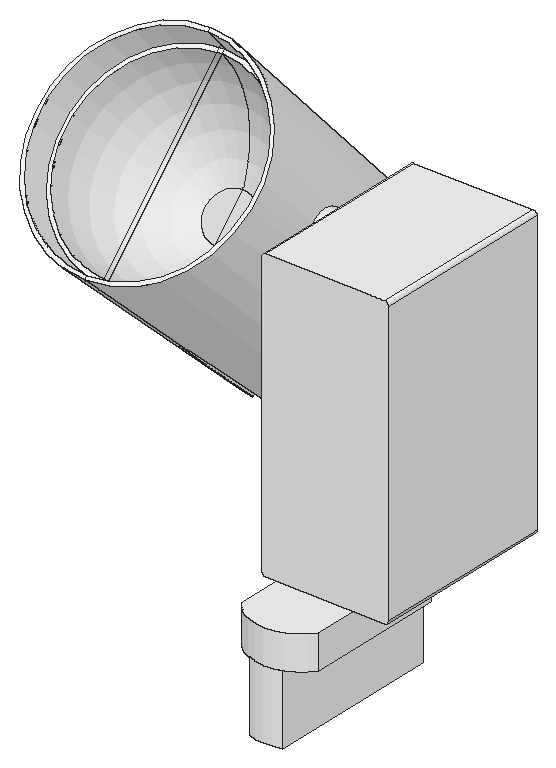
Revit family "0004864 Feilo Sylvania Lighting Fixture START TRACK SPOT S 24W 3K RA90 WB WHITE", category Lighting Fixtures, host Face, Revit 2017 (continued)
Definition of nested family "Start Track Spot Head"
  Types (96, lengths in mm): name | Wattage | built-in parameter 1150134 | Photometric Web File | Model | built-in parameter 1150105 | Lumens | built-in parameter 1150107 | built-in parameter 1150106 | HeadThickness_FEILO | HeadRibOffset_FEILO | HeadRibDepth_FEILO | HeadRibCutWidth_FEILO | HeadRibCutOffset_FEILO | HeadReflectorRadius_FEILO | HeadReflectorOffset_FEILO | HeadLEDRadius_FEILO | HeadHeight_FEILO | HeadDiffusorOffset_FEILO | HeadDiaOut_FEILO | HeadDiaIn_FEILO | HeadAxisFromTop_FEILO | Emit from Circle Diameter | built-in parameter 1150104 | Description | Apparent Load
    0004864 START TRACK SPOT S 24W 3K RA90 WB WHITE | 24 W | (empty or 0) | "0004864.ies" | "START TRACK SPOT S 24W 3K RA90 WB WHITE" | 152.79 (stored number, unit not read) | 1920 lm | 3000 (stored number, unit not read) | 1.5279 (stored number, unit not read) | 1.5 | 4.179 | 55.714 | 7.167 | 50.87 | 50.588 | 55.714 | 9.556 | 117 | 9.435 | 86 | 77.477 | 69.354 | 77.477 | 7.4322 (stored number, unit not read) | "Integrated LED spotlight, Textured White - RAL9016, compact and minimalist design, ideal for retail applications, die-cast aluminium body, passive cooling heatsink. Beam angle: 64°, color temperature: 3000K , total system power: 24W, total fixture output: 1928 lm, LOR: 100%, colour rendering: Ra: 90 typical, LED Chromaticity: 3 step MacAdam ellipse, lifetime: >50000 hours at L70B50, energy class: A++, A+, A, IR/UV free light source without heat radiation, operating voltage: 220-240V / 50-60Hz, drive current: 600mA, electronic driver, non-dimmable, power factor: 0.95, electrical protection: Class II, Global Track 3 Phase adapter suitable for Global trac 3-circuit tracks, ingress protection rating: IP20, suitable for internal environment only, horizontal rotation: 355°, vertical tilt: 90°, dimensions: Ø86x140x200, weight: 0.966kg." | 24 VA
    0004863 START TRACK SPOT S 24W 3K RA90 MB WHITE | 24 W | (empty or 0) | "0004863.ies" | "START TRACK SPOT S 24W 3K RA90 MB WHITE" | 154.7 (stored number, unit not read) | 1944 lm | 3000 (stored number, unit not read) | 1.547 (stored number, unit not read) | 1.5 | 4.179 | 55.714 | 7.167 | 50.87 | 50.588 | 55.714 | 9.556 | 117 | 9.435 | 86 | 77.477 | 69.354 | 77.477 | 7.5251 (stored number, unit not read) | "Integrated LED spotlight, Textured White - RAL9016, compact and minimalist design, ideal for retail applications, die-cast aluminium body, passive cooling heatsink. Beam angle: 36°, color temperature: 3000K , total system power: 24W, total fixture output: 1944 lm, LOR: 100%, colour rendering: Ra: 90 typical, LED Chromaticity: 3 step MacAdam ellipse, lifetime: >50000 hours at L70B50, energy class: A++, A+, A, IR/UV free light source without heat radiation, operating voltage: 220-240V / 50-60Hz, drive current: 600mA, electronic driver, non-dimmable, power factor: 0.95, electrical protection: Class II, Global Track 3 Phase adapter suitable for Global trac 3-circuit tracks, ingress protection rating: IP20, suitable for internal environment only, horizontal rotation: 355°, vertical tilt: 90°, dimensions: Ø86x140x200, weight: 0.966kg." | 24 VA
    0004862 START TRACK SPOT S 24W 3K RA90 NB WHITE | 24 W | (empty or 0) | "0004862.ies" | "START TRACK SPOT S 24W 3K RA90 NB WHITE" | 158.52 (stored number, unit not read) | 1992 lm | 3000 (stored number, unit not read) | 1.5852 (stored number, unit not read) | 1.5 | 4.179 | 55.714 | 7.167 | 50.87 | 50.588 | 55.714 | 9.556 | 117 | 9.435 | 86 | 77.477 | 69.354 | 77.477 | 7.711 (stored number, unit not read) | "Integrated LED spotlight, Textured White - RAL9016, compact and minimalist design, ideal for retail applications, die-cast aluminium body, passive cooling heatsink. Beam angle: 12°, color temperature: 3000K , total system power: 24W, total fixture output: 1987 lm, LOR: 100%, colour rendering: Ra: 90 typical, LED Chromaticity: 3 step MacAdam ellipse, lifetime: >50000 hours at L70B50, energy class: A++, A+, A, IR/UV free light source without heat radiation, operating voltage: 220-240V / 50-60Hz, drive current: 600mA, electronic driver, non-dimmable, power factor: 0.95, electrical protection: Class II, Global Track 3 Phase adapter suitable for Global trac 3-circuit tracks, ingress protection rating: IP20, suitable for internal environment only, horizontal rotation: 355°, vertical tilt: 90°, dimensions: Ø86x140x200, weight: 0.966kg." | 24 VA
    0004861 START TRACK SPOT S 14W 3K RA90 WB WHITE | 14 W | (empty or 0) | "0004861.ies" | "START TRACK SPOT S 14W 3K RA90 WB WHITE" | 100.27 (stored number, unit not read) | 1260 lm | 3000 (stored number, unit not read) | 1.0027 (stored number, unit not read) | 1.5 | 4.179 | 55.714 | 7.167 | 50.87 | 50.588 | 55.714 | 9.556 | 117 | 9.435 | 86 | 77.477 | 69.354 | 77.477 | 8.3613 (stored number, unit not read) | "Integrated LED spotlight, Textured White - RAL9016, compact and minimalist design, ideal for retail applications, die-cast aluminium body, passive cooling heatsink. Beam angle: 64°, color temperature: 3000K , total system power: 14W, total fixture output: 1262 lm, LOR: 100%, colour rendering: Ra: 90 typical, LED Chromaticity: 3 step MacAdam ellipse, lifetime: >50000 hours at L70B50, energy class: A++, A+, A, IR/UV free light source without heat radiation, operating voltage: 220-240V / 50-60Hz, drive current: 350mA, electronic driver, non-dimmable, power factor: 0.92, electrical protection: Class II, Global Track 3 Phase adapter suitable for Global trac 3-circuit tracks, ingress protection rating: IP20, suitable for internal environment only, horizontal rotation: 355°, vertical tilt: 90°, dimensions: Ø86x140x200, weight: 0.940kg." | 14 VA
    0004860 START TRACK SPOT S 14W 3K RA90 MB WHITE | 14 W | (empty or 0) | "0004860.ies" | "START TRACK SPOT S 14W 3K RA90 MB WHITE" | 100.27 (stored number, unit not read) | 1260 lm | 3000 (stored number, unit not read) | 1.0027 (stored number, unit not read) | 1.5 | 4.179 | 55.714 | 7.167 | 50.87 | 50.588 | 55.714 | 9.556 | 117 | 9.435 | 86 | 77.477 | 69.354 | 77.477 | 8.3613 (stored number, unit not read) | "Integrated LED spotlight, Textured White - RAL9016, compact and minimalist design, ideal for retail applications, die-cast aluminium body, passive cooling heatsink. Beam angle: 36°, color temperature: 3000K , total system power: 14W, total fixture output: 1262 lm, LOR: 100%, colour rendering: Ra: 90 typical, LED Chromaticity: 3 step MacAdam ellipse, lifetime: >50000 hours at L70B50, energy class: A++, A+, A, IR/UV free light source without heat radiation, operating voltage: 220-240V / 50-60Hz, drive current: 350mA, electronic driver, non-dimmable, power factor: 0.92, electrical protection: Class II, Global Track 3 Phase adapter suitable for Global trac 3-circuit tracks, ingress protection rating: IP20, suitable for internal environment only, horizontal rotation: 355°, vertical tilt: 90°, dimensions: Ø86x140x200, weight: 0.940kg." | 14 VA
    0004859 START TRACK SPOT S 14W 3K RA90 NB WHITE | 14 W | (empty or 0) | "0004859.ies" | "START TRACK SPOT S 14W 3K RA90 NB WHITE" | 102.5 (stored number, unit not read) | 1288 lm | 3000 (stored number, unit not read) | 1.025 (stored number, unit not read) | 1.5 | 4.179 | 55.714 | 7.167 | 50.87 | 50.588 | 55.714 | 9.556 | 117 | 9.435 | 86 | 77.477 | 69.354 | 77.477 | 8.5471 (stored number, unit not read) | "Integrated LED spotlight, Textured White - RAL9016, compact and minimalist design, ideal for retail applications, die-cast aluminium body, passive cooling heatsink. Beam angle: 12°, color temperature: 3000K , total system power: 14W, total fixture output: 1284 lm, LOR: 100%, colour rendering: Ra: 90 typical, LED Chromaticity: 3 step MacAdam ellipse, lifetime: >50000 hours at L70B50, energy class: A++, A+, A, IR/UV free light source without heat radiation, operating voltage: 220-240V / 50-60Hz, drive current: 350mA, electronic driver, non-dimmable, power factor: 0.92, electrical protection: Class II, Global Track 3 Phase adapter suitable for Global trac 3-circuit tracks, ingress protection rating: IP20, suitable for internal environment only, horizontal rotation: 355°, vertical tilt: 90°, dimensions: Ø86x140x200, weight: 0.940kg." | 14 VA
    0004858 START TRACK SPOT L 55W 4K RA80 WB BLACK | 55 W | 12 | "0004858.ies" | "START TRACK SPOT L 55W 4K RA80 WB BLACK" | 424.55 (stored number, unit not read) | 5335 lm | 4000 (stored number, unit not read) | 4.2455 (stored number, unit not read) | 2 | 4.429 | 59.048 | 9.417 | 53.913 | 66.471 | 59.048 | 12.556 | 124 | 10 | 113 | 101.802 | 73.503 | 101.802 | 9.0116 (stored number, unit not read) | "Integrated LED spotlight, Textured Black - RAL9005, compact and minimalist design, ideal for retail applications, die-cast aluminium body, passive cooling heatsink. Beam angle: 52°, color temperature: 4000K , total system power: 55W, total fixture output: 5320 lm, LOR: 100%, colour rendering: Ra: 80 typical, LED Chromaticity: 3 step MacAdam ellipse, lifetime: >50000 hours at L70B50, energy class: A++, A+, A, IR/UV free light source without heat radiation, operating voltage: 220-240V / 50-60Hz, drive current: 1400mA, electronic driver, non-dimmable, power factor: 0.96, electrical protection: Class II, Global Track 3 Phase adapter suitable for Global trac 3-circuit tracks, ingress protection rating: IP20, suitable for internal environment only, horizontal rotation: 355°, vertical tilt: 90°, dimensions: Ø113x164x240, weight: 1.398kg." | 55 VA
    0004857 START TRACK SPOT L 55W 4K RA80 MB BLACK | 55 W | 12 | "0004857.ies" | "START TRACK SPOT L 55W 4K RA80 MB BLACK" | 428.92 (stored number, unit not read) | 5390 lm | 4000 (stored number, unit not read) | 4.2892 (stored number, unit not read) | 2 | 4.429 | 59.048 | 9.417 | 53.913 | 66.471 | 59.048 | 12.556 | 124 | 10 | 113 | 101.802 | 73.503 | 101.802 | 9.1045 (stored number, unit not read) | "Integrated LED spotlight, Textured Black - RAL9005, compact and minimalist design, ideal for retail applications, die-cast aluminium body, passive cooling heatsink. Beam angle: 38°, color temperature: 4000K , total system power: 55W, total fixture output: 5378 lm, LOR: 100%, colour rendering: Ra: 80 typical, LED Chromaticity: 3 step MacAdam ellipse, lifetime: >50000 hours at L70B50, energy class: A++, A+, A, IR/UV free light source without heat radiation, operating voltage: 220-240V / 50-60Hz, drive current: 1400mA, electronic driver, non-dimmable, power factor: 0.96, electrical protection: Class II, Global Track 3 Phase adapter suitable for Global trac 3-circuit tracks, ingress protection rating: IP20, suitable for internal environment only, horizontal rotation: 355°, vertical tilt: 90°, dimensions: Ø113x164x240, weight: 1.398kg." | 55 VA
    0004856 START TRACK SPOT L 55W 4K RA80 NB BLACK | 55 W | 12 | "0004856.ies" | "START TRACK SPOT L 55W 4K RA80 NB BLACK" | 433.3 (stored number, unit not read) | 5445 lm | 4000 (stored number, unit not read) | 4.333 (stored number, unit not read) | 2 | 4.429 | 59.048 | 9.417 | 53.913 | 66.471 | 59.048 | 12.556 | 124 | 10 | 113 | 101.802 | 73.503 | 101.802 | 9.1974 (stored number, unit not read) | "Integrated LED spotlight, Textured Black - RAL9005, compact and minimalist design, ideal for retail applications, die-cast aluminium body, passive cooling heatsink. Beam angle: 15°, color temperature: 4000K , total system power: 55W, total fixture output: 5426 lm, LOR: 100%, colour rendering: Ra: 80 typical, LED Chromaticity: 3 step MacAdam ellipse, lifetime: >50000 hours at L70B50, energy class: A++, A+, A, IR/UV free light source without heat radiation, operating voltage: 220-240V / 50-60Hz, drive current: 1400mA, electronic driver, non-dimmable, power factor: 0.96, electrical protection: Class II, Global Track 3 Phase adapter suitable for Global trac 3-circuit tracks, ingress protection rating: IP20, suitable for internal environment only, horizontal rotation: 355°, vertical tilt: 90°, dimensions: Ø113x164x240, weight: 1.398kg." | 55 VA
    0004855 START TRACK SPOT L 35W 4K RA80 WB BLACK | 35 W | 12 | "0004855.ies" | "START TRACK SPOT L 35W 4K RA80 WB BLACK" | 320.3 (stored number, unit not read) | 4025 lm | 4000 (stored number, unit not read) | 3.203 (stored number, unit not read) | 2 | 4.429 | 59.048 | 9.417 | 53.913 | 66.471 | 59.048 | 12.556 | 124 | 10 | 113 | 101.802 | 73.503 | 101.802 | 10.684 (stored number, unit not read) | "Integrated LED spotlight, Textured Black - RAL9005, compact and minimalist design, ideal for retail applications, die-cast aluminium body, passive cooling heatsink. Beam angle: 52°, color temperature: 4000K , total system power: 35W, total fixture output: 4010 lm, LOR: 100%, colour rendering: Ra: 80 typical, LED Chromaticity: 3 step MacAdam ellipse, lifetime: >50000 hours at L70B50, energy class: A++, A+, A, IR/UV free light source without heat radiation, operating voltage: 220-240V / 50-60Hz, drive current: 900mA, electronic driver, non-dimmable, power factor: 0.93, electrical protection: Class II, Global Track 3 Phase adapter suitable for Global trac 3-circuit tracks, ingress protection rating: IP20, suitable for internal environment only, horizontal rotation: 355°, vertical tilt: 90°, dimensions: Ø113x164x240, weight: 1.368kg." | 35 VA
    0004854 START TRACK SPOT L 35W 4K RA80 MB BLACK | 35 W | 12 | "0004854.ies" | "START TRACK SPOT L 35W 4K RA80 MB BLACK" | 320.3 (stored number, unit not read) | 4025 lm | 4000 (stored number, unit not read) | 3.203 (stored number, unit not read) | 2 | 4.429 | 59.048 | 9.417 | 53.913 | 66.471 | 59.048 | 12.556 | 124 | 10 | 113 | 101.802 | 73.503 | 101.802 | 10.684 (stored number, unit not read) | "Integrated LED spotlight, Textured Black - RAL9005, compact and minimalist design, ideal for retail applications, die-cast aluminium body, passive cooling heatsink. Beam angle: 38°, color temperature: 4000K , total system power: 35W, total fixture output: 4017 lm, LOR: 100%, colour rendering: Ra: 80 typical, LED Chromaticity: 3 step MacAdam ellipse, lifetime: >50000 hours at L70B50, energy class: A++, A+, A, IR/UV free light source without heat radiation, operating voltage: 220-240V / 50-60Hz, drive current: 900mA, electronic driver, non-dimmable, power factor: 0.93, electrical protection: Class II, Global Track 3 Phase adapter suitable for Global trac 3-circuit tracks, ingress protection rating: IP20, suitable for internal environment only, horizontal rotation: 355°, vertical tilt: 90°, dimensions: Ø113x164x240, weight: 1.368kg." | 35 VA
    0004853 START TRACK SPOT L 35W 4K RA80 NB BLACK | 35 W | 12 | "0004853.ies" | "START TRACK SPOT L 35W 4K RA80 NB BLACK" | 331.44 (stored number, unit not read) | 4165 lm | 4000 (stored number, unit not read) | 3.3144 (stored number, unit not read) | 2 | 4.429 | 59.048 | 9.417 | 53.913 | 66.471 | 59.048 | 12.556 | 124 | 10 | 113 | 101.802 | 73.503 | 101.802 | 11.055 (stored number, unit not read) | "Integrated LED spotlight, Textured Black - RAL9005, compact and minimalist design, ideal for retail applications, die-cast aluminium body, passive cooling heatsink. Beam angle: 15°, color temperature: 4000K , total system power: 35W, total fixture output: 4174 lm, LOR: 100%, colour rendering: Ra: 80 typical, LED Chromaticity: 3 step MacAdam ellipse, lifetime: >50000 hours at L70B50, energy class: A++, A+, A, IR/UV free light source without heat radiation, operating voltage: 220-240V / 50-60Hz, drive current: 900mA, electronic driver, non-dimmable, power factor: 0.93, electrical protection: Class II, Global Track 3 Phase adapter suitable for Global trac 3-circuit tracks, ingress protection rating: IP20, suitable for internal environment only, horizontal rotation: 355°, vertical tilt: 90°, dimensions: Ø113x164x240, weight: 1.368kg." | 35 VA
    0004852 START TRACK SPOT S 24W 4K RA80 WB BLACK | 24 W | 12 | "0004852.ies" | "START TRACK SPOT S 24W 4K RA80 WB BLACK" | 196.72 (stored number, unit not read) | 2472 lm | 4000 (stored number, unit not read) | 1.9672 (stored number, unit not read) | 1.5 | 4.179 | 55.714 | 7.167 | 50.87 | 50.588 | 55.714 | 9.556 | 117 | 9.435 | 86 | 77.477 | 69.354 | 77.477 | 9.569 (stored number, unit not read) | "Integrated LED spotlight, Textured Black - RAL9005, compact and minimalist design, ideal for retail applications, die-cast aluminium body, passive cooling heatsink. Beam angle: 64°, color temperature: 4000K , total system power: 24W, total fixture output: 2476 lm, LOR: 100%, colour rendering: Ra: 80 typical, LED Chromaticity: 3 step MacAdam ellipse, lifetime: >50000 hours at L70B50, energy class: A++, A+, A, IR/UV free light source without heat radiation, operating voltage: 220-240V / 50-60Hz, drive current: 600mA, electronic driver, non-dimmable, power factor: 0.95, electrical protection: Class II, Global Track 3 Phase adapter suitable for Global trac 3-circuit tracks, ingress protection rating: IP20, suitable for internal environment only, horizontal rotation: 355°, vertical tilt: 90°, dimensions: Ø86x140x200, weight: 0.966kg." | 24 VA
    0004851 START TRACK SPOT S 24W 4K RA80 MB BLACK | 24 W | 12 | "0004851.ies" | "START TRACK SPOT S 24W 4K RA80 MB BLACK" | 198.63 (stored number, unit not read) | 2496 lm | 4000 (stored number, unit not read) | 1.9863 (stored number, unit not read) | 1.5 | 4.179 | 55.714 | 7.167 | 50.87 | 50.588 | 55.714 | 9.556 | 117 | 9.435 | 86 | 77.477 | 69.354 | 77.477 | 9.6619 (stored number, unit not read) | "Integrated LED spotlight, Textured Black - RAL9005, compact and minimalist design, ideal for retail applications, die-cast aluminium body, passive cooling heatsink. Beam angle: 36°, color temperature: 4000K , total system power: 24W, total fixture output: 2487 lm, LOR: 100%, colour rendering: Ra: 80 typical, LED Chromaticity: 3 step MacAdam ellipse, lifetime: >50000 hours at L70B50, energy class: A++, A+, A, IR/UV free light source without heat radiation, operating voltage: 220-240V / 50-60Hz, drive current: 600mA, electronic driver, non-dimmable, power factor: 0.95, electrical protection: Class II, Global Track 3 Phase adapter suitable for Global trac 3-circuit tracks, ingress protection rating: IP20, suitable for internal environment only, horizontal rotation: 355°, vertical tilt: 90°, dimensions: Ø86x140x200, weight: 0.966kg." | 24 VA
    0004850 START TRACK SPOT S 24W 4K RA80 NB BLACK | 24 W | 12 | "0004850.ies" | "START TRACK SPOT S 24W 4K RA80 NB BLACK" | 200.54 (stored number, unit not read) | 2520 lm | 4000 (stored number, unit not read) | 2.0054 (stored number, unit not read) | 1.5 | 4.179 | 55.714 | 7.167 | 50.87 | 50.588 | 55.714 | 9.556 | 117 | 9.435 | 86 | 77.477 | 69.354 | 77.477 | 9.7548 (stored number, unit not read) | "Integrated LED spotlight, Textured Black - RAL9005, compact and minimalist design, ideal for retail applications, die-cast aluminium body, passive cooling heatsink. Beam angle: 12°, color temperature: 4000K , total system power: 24W, total fixture output: 2529 lm, LOR: 100%, colour rendering: Ra: 80 typical, LED Chromaticity: 3 step MacAdam ellipse, lifetime: >50000 hours at L70B50, energy class: A++, A+, A, IR/UV free light source without heat radiation, operating voltage: 220-240V / 50-60Hz, drive current: 600mA, electronic driver, non-dimmable, power factor: 0.95, electrical protection: Class II, Global Track 3 Phase adapter suitable for Global trac 3-circuit tracks, ingress protection rating: IP20, suitable for internal environment only, horizontal rotation: 355°, vertical tilt: 90°, dimensions: Ø86x140x200, weight: 0.966kg." | 24 VA
    0004849 START TRACK SPOT S 14W 4K RA80 WB BLACK | 14 W | 12 | "0004849.ies" | "START TRACK SPOT S 14W 4K RA80 WB BLACK" | 123.66 (stored number, unit not read) | 1554 lm | 4000 (stored number, unit not read) | 1.2366 (stored number, unit not read) | 1.5 | 4.179 | 55.714 | 7.167 | 50.87 | 50.588 | 55.714 | 9.556 | 117 | 9.435 | 86 | 77.477 | 69.354 | 77.477 | 10.312 (stored number, unit not read) | "Integrated LED spotlight, Textured Black - RAL9005, compact and minimalist design, ideal for retail applications, die-cast aluminium body, passive cooling heatsink. Beam angle: 64°, color temperature: 4000K , total system power: 14W, total fixture output: 1558 lm, LOR: 100%, colour rendering: Ra: 80 typical, LED Chromaticity: 3 step MacAdam ellipse, lifetime: >50000 hours at L70B50, energy class: A++, A+, A, IR/UV free light source without heat radiation, operating voltage: 220-240V / 50-60Hz, drive current: 350mA, electronic driver, non-dimmable, power factor: 0.92, electrical protection: Class II, Global Track 3 Phase adapter suitable for Global trac 3-circuit tracks, ingress protection rating: IP20, suitable for internal environment only, horizontal rotation: 355°, vertical tilt: 90°, dimensions: Ø86x140x200, weight: 0.940kg." | 14 VA
    0004848 START TRACK SPOT S 14W 4K RA80 MB BLACK | 14 W | 12 | "0004848.ies" | "START TRACK SPOT S 14W 4K RA80 MB BLACK" | 127.01 (stored number, unit not read) | 1596 lm | 4000 (stored number, unit not read) | 1.2701 (stored number, unit not read) | 1.5 | 4.179 | 55.714 | 7.167 | 50.87 | 50.588 | 55.714 | 9.556 | 117 | 9.435 | 86 | 77.477 | 69.354 | 77.477 | 10.591 (stored number, unit not read) | "Integrated LED spotlight, Textured Black - RAL9005, compact and minimalist design, ideal for retail applications, die-cast aluminium body, passive cooling heatsink. Beam angle: 36°, color temperature: 4000K , total system power: 14W, total fixture output: 1598 lm, LOR: 100%, colour rendering: Ra: 80 typical, LED Chromaticity: 3 step MacAdam ellipse, lifetime: >50000 hours at L70B50, energy class: A++, A+, A, IR/UV free light source without heat radiation, operating voltage: 220-240V / 50-60Hz, drive current: 350mA, electronic driver, non-dimmable, power factor: 0.92, electrical protection: Class II, Global Track 3 Phase adapter suitable for Global trac 3-circuit tracks, ingress protection rating: IP20, suitable for internal environment only, horizontal rotation: 355°, vertical tilt: 90°, dimensions: Ø86x140x200, weight: 0.940kg." | 14 VA
    0004847 START TRACK SPOT S 14W 4K RA80 NB BLACK | 14 W | 12 | "0004847.ies" | "START TRACK SPOT S 14W 4K RA80 NB BLACK" | 128.12 (stored number, unit not read) | 1610 lm | 4000 (stored number, unit not read) | 1.2812 (stored number, unit not read) | 1.5 | 4.179 | 55.714 | 7.167 | 50.87 | 50.588 | 55.714 | 9.556 | 117 | 9.435 | 86 | 77.477 | 69.354 | 77.477 | 10.684 (stored number, unit not read) | "Integrated LED spotlight, Textured Black - RAL9005, compact and minimalist design, ideal for retail applications, die-cast aluminium body, passive cooling heatsink. Beam angle: 12°, color temperature: 4000K , total system power: 14W, total fixture output: 1608 lm, LOR: 100%, colour rendering: Ra: 80 typical, LED Chromaticity: 3 step MacAdam ellipse, lifetime: >50000 hours at L70B50, energy class: A++, A+, A, IR/UV free light source without heat radiation, operating voltage: 220-240V / 50-60Hz, drive current: 350mA, electronic driver, non-dimmable, power factor: 0.92, electrical protection: Class II, Global Track 3 Phase adapter suitable for Global trac 3-circuit tracks, ingress protection rating: IP20, suitable for internal environment only, horizontal rotation: 355°, vertical tilt: 90°, dimensions: Ø86x140x200, weight: 0.940kg." | 14 VA
    0004846 START TRACK SPOT L 55W 3K RA80 WB BLACK | 55 W | (empty or 0) | "0004846.ies" | "START TRACK SPOT L 55W 3K RA80 WB BLACK" | 420.17 (stored number, unit not read) | 5280 lm | 3000 (stored number, unit not read) | 4.2017 (stored number, unit not read) | 2 | 4.429 | 59.048 | 9.417 | 53.913 | 66.471 | 59.048 | 12.556 | 124 | 10 | 113 | 101.802 | 73.503 | 101.802 | 8.9187 (stored number, unit not read) | "Integrated LED spotlight, Textured Black - RAL9005, compact and minimalist design, ideal for retail applications, die-cast aluminium body, passive cooling heatsink. Beam angle: 52°, color temperature: 3000K , total system power: 55W, total fixture output: 5298 lm, LOR: 100%, colour rendering: Ra: 80 typical, LED Chromaticity: 3 step MacAdam ellipse, lifetime: >50000 hours at L70B50, energy class: A++, A+, A, IR/UV free light source without heat radiation, operating voltage: 220-240V / 50-60Hz, drive current: 1400mA, electronic driver, non-dimmable, power factor: 0.96, electrical protection: Class II, Global Track 3 Phase adapter suitable for Global trac 3-circuit tracks, ingress protection rating: IP20, suitable for internal environment only, horizontal rotation: 355°, vertical tilt: 90°, dimensions: Ø113x164x240, weight: 1.398kg." | 55 VA
    0004845 START TRACK SPOT L 55W 3K RA80 MB BLACK | 55 W | (empty or 0) | "0004845.ies" | "START TRACK SPOT L 55W 3K RA80 MB BLACK" | 428.92 (stored number, unit not read) | 5390 lm | 3000 (stored number, unit not read) | 4.2892 (stored number, unit not read) | 2 | 4.429 | 59.048 | 9.417 | 53.913 | 66.471 | 59.048 | 12.556 | 124 | 10 | 113 | 101.802 | 73.503 | 101.802 | 9.1045 (stored number, unit not read) | "Integrated LED spotlight, Textured Black - RAL9005, compact and minimalist design, ideal for retail applications, die-cast aluminium body, passive cooling heatsink. Beam angle: 38°, color temperature: 3000K , total system power: 55W, total fixture output: 5381 lm, LOR: 100%, colour rendering: Ra: 80 typical, LED Chromaticity: 3 step MacAdam ellipse, lifetime: >50000 hours at L70B50, energy class: A++, A+, A, IR/UV free light source without heat radiation, operating voltage: 220-240V / 50-60Hz, drive current: 1400mA, electronic driver, non-dimmable, power factor: 0.96, electrical protection: Class II, Global Track 3 Phase adapter suitable for Global trac 3-circuit tracks, ingress protection rating: IP20, suitable for internal environment only, horizontal rotation: 355°, vertical tilt: 90°, dimensions: Ø113x164x240, weight: 1.398kg." | 55 VA
    0004844 START TRACK SPOT L 55W 3K RA80 NB BLACK | 55 W | (empty or 0) | "0004844.ies" | "START TRACK SPOT L 55W 3K RA80 NB BLACK" | 433.3 (stored number, unit not read) | 5445 lm | 3000 (stored number, unit not read) | 4.333 (stored number, unit not read) | 2 | 4.429 | 59.048 | 9.417 | 53.913 | 66.471 | 59.048 | 12.556 | 124 | 10 | 113 | 101.802 | 73.503 | 101.802 | 9.1974 (stored number, unit not read) | "Integrated LED spotlight, Textured Black - RAL9005, compact and minimalist design, ideal for retail applications, die-cast aluminium body, passive cooling heatsink. Beam angle: 15°, color temperature: 3000K , total system power: 55W, total fixture output: 5449 lm, LOR: 100%, colour rendering: Ra: 80 typical, LED Chromaticity: 3 step MacAdam ellipse, lifetime: >50000 hours at L70B50, energy class: A++, A+, A, IR/UV free light source without heat radiation, operating voltage: 220-240V / 50-60Hz, drive current: 1400mA, electronic driver, non-dimmable, power factor: 0.96, electrical protection: Class II, Global Track 3 Phase adapter suitable for Global trac 3-circuit tracks, ingress protection rating: IP20, suitable for internal environment only, horizontal rotation: 355°, vertical tilt: 90°, dimensions: Ø113x164x240, weight: 1.398kg." | 55 VA
    0004843 START TRACK SPOT L 35W 3K RA80 WB BLACK | 35 W | (empty or 0) | "0004843.ies" | "START TRACK SPOT L 35W 3K RA80 WB BLACK" | 314.73 (stored number, unit not read) | 3955 lm | 3000 (stored number, unit not read) | 3.1473 (stored number, unit not read) | 2 | 4.429 | 59.048 | 9.417 | 53.913 | 66.471 | 59.048 | 12.556 | 124 | 10 | 113 | 101.802 | 73.503 | 101.802 | 10.498 (stored number, unit not read) | "Integrated LED spotlight, Textured Black - RAL9005, compact and minimalist design, ideal for retail applications, die-cast aluminium body, passive cooling heatsink. Beam angle: 52°, color temperature: 3000K , total system power: 35W, total fixture output: 3943 lm, LOR: 100%, colour rendering: Ra: 80 typical, LED Chromaticity: 3 step MacAdam ellipse, lifetime: >50000 hours at L70B50, energy class: A++, A+, A, IR/UV free light source without heat radiation, operating voltage: 220-240V / 50-60Hz, drive current: 900mA, electronic driver, non-dimmable, power factor: 0.93, electrical protection: Class II, Global Track 3 Phase adapter suitable for Global trac 3-circuit tracks, ingress protection rating: IP20, suitable for internal environment only, horizontal rotation: 355°, vertical tilt: 90°, dimensions: Ø113x164x240, weight: 1.368kg." | 35 VA
    0004842 START TRACK SPOT L 35W 3K RA80 MB BLACK | 35 W | (empty or 0) | "0004842.ies" | "START TRACK SPOT L 35W 3K RA80 MB BLACK" | 320.3 (stored number, unit not read) | 4025 lm | 3000 (stored number, unit not read) | 3.203 (stored number, unit not read) | 2 | 4.429 | 59.048 | 9.417 | 53.913 | 66.471 | 59.048 | 12.556 | 124 | 10 | 113 | 101.802 | 73.503 | 101.802 | 10.684 (stored number, unit not read) | "Integrated LED spotlight, Textured Black - RAL9005, compact and minimalist design, ideal for retail applications, die-cast aluminium body, passive cooling heatsink. Beam angle: 38°, color temperature: 3000K , total system power: 35W, total fixture output: 4008 lm, LOR: 100%, colour rendering: Ra: 80 typical, LED Chromaticity: 3 step MacAdam ellipse, lifetime: >50000 hours at L70B50, energy class: A++, A+, A, IR/UV free light source without heat radiation, operating voltage: 220-240V / 50-60Hz, drive current: 900mA, electronic driver, non-dimmable, power factor: 0.93, electrical protection: Class II, Global Track 3 Phase adapter suitable for Global trac 3-circuit tracks, ingress protection rating: IP20, suitable for internal environment only, horizontal rotation: 355°, vertical tilt: 90°, dimensions: Ø113x164x240, weight: 1.368kg." | 35 VA
    0004841 START TRACK SPOT L 35W 3K RA80 NB BLACK | 35 W | (empty or 0) | "0004841.ies" | "START TRACK SPOT L 35W 3K RA80 NB BLACK" | 317.51 (stored number, unit not read) | 3990 lm | 3000 (stored number, unit not read) | 3.1751 (stored number, unit not read) | 2 | 4.429 | 59.048 | 9.417 | 53.913 | 66.471 | 59.048 | 12.556 | 124 | 10 | 113 | 101.802 | 73.503 | 101.802 | 10.591 (stored number, unit not read) | "Integrated LED spotlight, Textured Black - RAL9005, compact and minimalist design, ideal for retail applications, die-cast aluminium body, passive cooling heatsink. Beam angle: 15°, color temperature: 3000K , total system power: 35W, total fixture output: 4005 lm, LOR: 100%, colour rendering: Ra: 80 typical, LED Chromaticity: 3 step MacAdam ellipse, lifetime: >50000 hours at L70B50, energy class: A++, A+, A, IR/UV free light source without heat radiation, operating voltage: 220-240V / 50-60Hz, drive current: 900mA, electronic driver, non-dimmable, power factor: 0.93, electrical protection: Class II, Global Track 3 Phase adapter suitable for Global trac 3-circuit tracks, ingress protection rating: IP20, suitable for internal environment only, horizontal rotation: 355°, vertical tilt: 90°, dimensions: Ø113x164x240, weight: 1.368kg." | 35 VA
    0004840 START TRACK SPOT S 24W 3K RA80 WB BLACK | 24 W | (empty or 0) | "0004840.ies" | "START TRACK SPOT S 24W 3K RA80 WB BLACK" | 185.26 (stored number, unit not read) | 2328 lm | 3000 (stored number, unit not read) | 1.8526 (stored number, unit not read) | 1.5 | 4.179 | 55.714 | 7.167 | 50.87 | 50.588 | 55.714 | 9.556 | 117 | 9.435 | 86 | 77.477 | 69.354 | 77.477 | 9.0116 (stored number, unit not read) | "Integrated LED spotlight, Textured Black - RAL9005, compact and minimalist design, ideal for retail applications, die-cast aluminium body, passive cooling heatsink. Beam angle: 64°, color temperature: 3000K , total system power: 24W, total fixture output: 2318 lm, LOR: 100%, colour rendering: Ra: 80 typical, LED Chromaticity: 3 step MacAdam ellipse, lifetime: >50000 hours at L70B50, energy class: A++, A+, A, IR/UV free light source without heat radiation, operating voltage: 220-240V / 50-60Hz, drive current: 600mA, electronic driver, non-dimmable, power factor: 0.95, electrical protection: Class II, Global Track 3 Phase adapter suitable for Global trac 3-circuit tracks, ingress protection rating: IP20, suitable for internal environment only, horizontal rotation: 355°, vertical tilt: 90°, dimensions: Ø86x140x200, weight: 0.966kg." | 24 VA
    0004839 START TRACK SPOT S 24W 3K RA80 MB BLACK | 24 W | (empty or 0) | "0004839.ies" | "START TRACK SPOT S 24W 3K RA80 MB BLACK" | 183.35 (stored number, unit not read) | 2304 lm | 3000 (stored number, unit not read) | 1.8335 (stored number, unit not read) | 1.5 | 4.179 | 55.714 | 7.167 | 50.87 | 50.588 | 55.714 | 9.556 | 117 | 9.435 | 86 | 77.477 | 69.354 | 77.477 | 8.9187 (stored number, unit not read) | "Integrated LED spotlight, Textured Black - RAL9005, compact and minimalist design, ideal for retail applications, die-cast aluminium body, passive cooling heatsink. Beam angle: 36°, color temperature: 3000K , total system power: 24W, total fixture output: 2314 lm, LOR: 100%, colour rendering: Ra: 80 typical, LED Chromaticity: 3 step MacAdam ellipse, lifetime: >50000 hours at L70B50, energy class: A++, A+, A, IR/UV free light source without heat radiation, operating voltage: 220-240V / 50-60Hz, drive current: 600mA, electronic driver, non-dimmable, power factor: 0.95, electrical protection: Class II, Global Track 3 Phase adapter suitable for Global trac 3-circuit tracks, ingress protection rating: IP20, suitable for internal environment only, horizontal rotation: 355°, vertical tilt: 90°, dimensions: Ø86x140x200, weight: 0.966kg." | 24 VA
    0004838 START TRACK SPOT S 24W 3K RA80 NB BLACK | 24 W | (empty or 0) | "0004838.ies" | "START TRACK SPOT S 24W 3K RA80 NB BLACK" | 185.26 (stored number, unit not read) | 2328 lm | 3000 (stored number, unit not read) | 1.8526 (stored number, unit not read) | 1.5 | 4.179 | 55.714 | 7.167 | 50.87 | 50.588 | 55.714 | 9.556 | 117 | 9.435 | 86 | 77.477 | 69.354 | 77.477 | 9.0116 (stored number, unit not read) | "Integrated LED spotlight, Textured Black - RAL9005, compact and minimalist design, ideal for retail applications, die-cast aluminium body, passive cooling heatsink. Beam angle: 12°, color temperature: 3000K , total system power: 24W, total fixture output: 2334 lm, LOR: 100%, colour rendering: Ra: 80 typical, LED Chromaticity: 3 step MacAdam ellipse, lifetime: >50000 hours at L70B50, energy class: A++, A+, A, IR/UV free light source without heat radiation, operating voltage: 220-240V / 50-60Hz, drive current: 600mA, electronic driver, non-dimmable, power factor: 0.95, electrical protection: Class II, Global Track 3 Phase adapter suitable for Global trac 3-circuit tracks, ingress protection rating: IP20, suitable for internal environment only, horizontal rotation: 355°, vertical tilt: 90°, dimensions: Ø86x140x200, weight: 0.966kg." | 24 VA
    0004837 START TRACK SPOT S 14W 3K RA80 WB BLACK | 14 W | (empty or 0) | "0004837.ies" | "START TRACK SPOT S 14W 3K RA80 WB BLACK" | 119.21 (stored number, unit not read) | 1498 lm | 3000 (stored number, unit not read) | 1.1921 (stored number, unit not read) | 1.5 | 4.179 | 55.714 | 7.167 | 50.87 | 50.588 | 55.714 | 9.556 | 117 | 9.435 | 86 | 77.477 | 69.354 | 77.477 | 9.9406 (stored number, unit not read) | "Integrated LED spotlight, Textured Black - RAL9005, compact and minimalist design, ideal for retail applications, die-cast aluminium body, passive cooling heatsink. Beam angle: 64°, color temperature: 3000K , total system power: 14W, total fixture output: 1498 lm, LOR: 100%, colour rendering: Ra: 80 typical, LED Chromaticity: 3 step MacAdam ellipse, lifetime: >50000 hours at L70B50, energy class: A++, A+, A, IR/UV free light source without heat radiation, operating voltage: 220-240V / 50-60Hz, drive current: 350mA, electronic driver, non-dimmable, power factor: 0.92, electrical protection: Class II, Global Track 3 Phase adapter suitable for Global trac 3-circuit tracks, ingress protection rating: IP20, suitable for internal environment only, horizontal rotation: 355°, vertical tilt: 90°, dimensions: Ø86x140x200, weight: 0.940kg." | 14 VA
    0004836 START TRACK SPOT S 14W 3K RA80 MB BLACK | 14 W | (empty or 0) | "0004836.ies" | "START TRACK SPOT S 14W 3K RA80 MB BLACK" | 120.32 (stored number, unit not read) | 1512 lm | 3000 (stored number, unit not read) | 1.2032 (stored number, unit not read) | 1.5 | 4.179 | 55.714 | 7.167 | 50.87 | 50.588 | 55.714 | 9.556 | 117 | 9.435 | 86 | 77.477 | 69.354 | 77.477 | 10.034 (stored number, unit not read) | "Integrated LED spotlight, Textured Black - RAL9005, compact and minimalist design, ideal for retail applications, die-cast aluminium body, passive cooling heatsink. Beam angle: 36°, color temperature: 3000K , total system power: 14W, total fixture output: 1508 lm, LOR: 100%, colour rendering: Ra: 80 typical, LED Chromaticity: 3 step MacAdam ellipse, lifetime: >50000 hours at L70B50, energy class: A++, A+, A, IR/UV free light source without heat radiation, operating voltage: 220-240V / 50-60Hz, drive current: 350mA, electronic driver, non-dimmable, power factor: 0.92, electrical protection: Class II, Global Track 3 Phase adapter suitable for Global trac 3-circuit tracks, ingress protection rating: IP20, suitable for internal environment only, horizontal rotation: 355°, vertical tilt: 90°, dimensions: Ø86x140x200, weight: 0.940kg." | 14 VA
    0004835 START TRACK SPOT S 14W 3K RA80 NB BLACK | 14 W | (empty or 0) | "0004835.ies" | "START TRACK SPOT S 14W 3K RA80 NB BLACK" | 123.66 (stored number, unit not read) | 1554 lm | 3000 (stored number, unit not read) | 1.2366 (stored number, unit not read) | 1.5 | 4.179 | 55.714 | 7.167 | 50.87 | 50.588 | 55.714 | 9.556 | 117 | 9.435 | 86 | 77.477 | 69.354 | 77.477 | 10.312 (stored number, unit not read) | "Integrated LED spotlight, Textured Black - RAL9005, compact and minimalist design, ideal for retail applications, die-cast aluminium body, passive cooling heatsink. Beam angle: 12°, color temperature: 3000K , total system power: 14W, total fixture output: 1551 lm, LOR: 100%, colour rendering: Ra: 80 typical, LED Chromaticity: 3 step MacAdam ellipse, lifetime: >50000 hours at L70B50, energy class: A++, A+, A, IR/UV free light source without heat radiation, operating voltage: 220-240V / 50-60Hz, drive current: 350mA, electronic driver, non-dimmable, power factor: 0.92, electrical protection: Class II, Global Track 3 Phase adapter suitable for Global trac 3-circuit tracks, ingress protection rating: IP20, suitable for internal environment only, horizontal rotation: 355°, vertical tilt: 90°, dimensions: Ø86x140x200, weight: 0.940kg." | 14 VA
    0004834 START TRACK SPOT L 55W 4K RA80 WB WHITE | 55 W | 12 | "0004834.ies" | "START TRACK SPOT L 55W 4K RA80 WB WHITE" | 424.55 (stored number, unit not read) | 5335 lm | 4000 (stored number, unit not read) | 4.2455 (stored number, unit not read) | 2 | 4.429 | 59.048 | 9.417 | 53.913 | 66.471 | 59.048 | 12.556 | 124 | 10 | 113 | 101.802 | 73.503 | 101.802 | 9.0116 (stored number, unit not read) | "Integrated LED spotlight, Textured White - RAL9016, compact and minimalist design, ideal for retail applications, die-cast aluminium body, passive cooling heatsink. Beam angle: 52°, color temperature: 4000K , total system power: 55W, total fixture output: 5320 lm, LOR: 100%, colour rendering: Ra: 80 typical, LED Chromaticity: 3 step MacAdam ellipse, lifetime: >50000 hours at L70B50, energy class: A++, A+, A, IR/UV free light source without heat radiation, operating voltage: 220-240V / 50-60Hz, drive current: 1400mA, electronic driver, non-dimmable, power factor: 0.96, electrical protection: Class II, Global Track 3 Phase adapter suitable for Global trac 3-circuit tracks, ingress protection rating: IP20, suitable for internal environment only, horizontal rotation: 355°, vertical tilt: 90°, dimensions: Ø113x164x240, weight: 1.398kg." | 55 VA
    0004833 START TRACK SPOT L 55W 4K RA80 MB WHITE | 55 W | 12 | "0004833.ies" | "START TRACK SPOT L 55W 4K RA80 MB WHITE" | 428.92 (stored number, unit not read) | 5390 lm | 4000 (stored number, unit not read) | 4.2892 (stored number, unit not read) | 2 | 4.429 | 59.048 | 9.417 | 53.913 | 66.471 | 59.048 | 12.556 | 124 | 10 | 113 | 101.802 | 73.503 | 101.802 | 9.1045 (stored number, unit not read) | "Integrated LED spotlight, Textured White - RAL9016, compact and minimalist design, ideal for retail applications, die-cast aluminium body, passive cooling heatsink. Beam angle: 38°, color temperature: 4000K , total system power: 55W, total fixture output: 5378 lm, LOR: 100%, colour rendering: Ra: 80 typical, LED Chromaticity: 3 step MacAdam ellipse, lifetime: >50000 hours at L70B50, energy class: A++, A+, A, IR/UV free light source without heat radiation, operating voltage: 220-240V / 50-60Hz, drive current: 1400mA, electronic driver, non-dimmable, power factor: 0.96, electrical protection: Class II, Global Track 3 Phase adapter suitable for Global trac 3-circuit tracks, ingress protection rating: IP20, suitable for internal environment only, horizontal rotation: 355°, vertical tilt: 90°, dimensions: Ø113x164x240, weight: 1.398kg." | 55 VA
    0004832 START TRACK SPOT L 55W 4K RA80 NB WHITE | 55 W | 12 | "0004832.ies" | "START TRACK SPOT L 55W 4K RA80 NB WHITE" | 433.3 (stored number, unit not read) | 5445 lm | 4000 (stored number, unit not read) | 4.333 (stored number, unit not read) | 2 | 4.429 | 59.048 | 9.417 | 53.913 | 66.471 | 59.048 | 12.556 | 124 | 10 | 113 | 101.802 | 73.503 | 101.802 | 9.1974 (stored number, unit not read) | "Integrated LED spotlight, Textured White - RAL9016, compact and minimalist design, ideal for retail applications, die-cast aluminium body, passive cooling heatsink. Beam angle: 15°, color temperature: 4000K , total system power: 55W, total fixture output: 5426 lm, LOR: 100%, colour rendering: Ra: 80 typical, LED Chromaticity: 3 step MacAdam ellipse, lifetime: >50000 hours at L70B50, energy class: A++, A+, A, IR/UV free light source without heat radiation, operating voltage: 220-240V / 50-60Hz, drive current: 1400mA, electronic driver, non-dimmable, power factor: 0.96, electrical protection: Class II, Global Track 3 Phase adapter suitable for Global trac 3-circuit tracks, ingress protection rating: IP20, suitable for internal environment only, horizontal rotation: 355°, vertical tilt: 90°, dimensions: Ø113x164x240, weight: 1.398kg." | 55 VA
    0004831 START TRACK SPOT L 35W 4K RA80 WB WHITE | 35 W | 12 | "0004831.ies" | "START TRACK SPOT L 35W 4K RA80 WB WHITE" | 320.3 (stored number, unit not read) | 4025 lm | 4000 (stored number, unit not read) | 3.203 (stored number, unit not read) | 2 | 4.429 | 59.048 | 9.417 | 53.913 | 66.471 | 59.048 | 12.556 | 124 | 10 | 113 | 101.802 | 73.503 | 101.802 | 10.684 (stored number, unit not read) | "Integrated LED spotlight, Textured White - RAL9016, compact and minimalist design, ideal for retail applications, die-cast aluminium body, passive cooling heatsink. Beam angle: 52°, color temperature: 4000K , total system power: 35W, total fixture output: 4010 lm, LOR: 100%, colour rendering: Ra: 80 typical, LED Chromaticity: 3 step MacAdam ellipse, lifetime: >50000 hours at L70B50, energy class: A++, A+, A, IR/UV free light source without heat radiation, operating voltage: 220-240V / 50-60Hz, drive current: 900mA, electronic driver, non-dimmable, power factor: 0.93, electrical protection: Class II, Global Track 3 Phase adapter suitable for Global trac 3-circuit tracks, ingress protection rating: IP20, suitable for internal environment only, horizontal rotation: 355°, vertical tilt: 90°, dimensions: Ø113x164x240, weight: 1.368kg." | 35 VA
    0004830 START TRACK SPOT L 35W 4K RA80 MB WHITE | 35 W | 12 | "0004830.ies" | "START TRACK SPOT L 35W 4K RA80 MB WHITE" | 320.3 (stored number, unit not read) | 4025 lm | 4000 (stored number, unit not read) | 3.203 (stored number, unit not read) | 2 | 4.429 | 59.048 | 9.417 | 53.913 | 66.471 | 59.048 | 12.556 | 124 | 10 | 113 | 101.802 | 73.503 | 101.802 | 10.684 (stored number, unit not read) | "Integrated LED spotlight, Textured White - RAL9016, compact and minimalist design, ideal for retail applications, die-cast aluminium body, passive cooling heatsink. Beam angle: 38°, color temperature: 4000K , total system power: 35W, total fixture output: 4017 lm, LOR: 100%, colour rendering: Ra: 80 typical, LED Chromaticity: 3 step MacAdam ellipse, lifetime: >50000 hours at L70B50, energy class: A++, A+, A, IR/UV free light source without heat radiation, operating voltage: 220-240V / 50-60Hz, drive current: 900mA, electronic driver, non-dimmable, power factor: 0.93, electrical protection: Class II, Global Track 3 Phase adapter suitable for Global trac 3-circuit tracks, ingress protection rating: IP20, suitable for internal environment only, horizontal rotation: 355°, vertical tilt: 90°, dimensions: Ø113x164x240, weight: 1.368kg." | 35 VA
    0004829 START TRACK SPOT L 35W 4K RA80 NB WHITE | 35 W | 12 | "0004829.ies" | "START TRACK SPOT L 35W 4K RA80 NB WHITE" | 331.44 (stored number, unit not read) | 4165 lm | 4000 (stored number, unit not read) | 3.3144 (stored number, unit not read) | 2 | 4.429 | 59.048 | 9.417 | 53.913 | 66.471 | 59.048 | 12.556 | 124 | 10 | 113 | 101.802 | 73.503 | 101.802 | 11.055 (stored number, unit not read) | "Integrated LED spotlight, Textured White - RAL9016, compact and minimalist design, ideal for retail applications, die-cast aluminium body, passive cooling heatsink. Beam angle: 15°, color temperature: 4000K , total system power: 35W, total fixture output: 4174 lm, LOR: 100%, colour rendering: Ra: 80 typical, LED Chromaticity: 3 step MacAdam ellipse, lifetime: >50000 hours at L70B50, energy class: A++, A+, A, IR/UV free light source without heat radiation, operating voltage: 220-240V / 50-60Hz, drive current: 900mA, electronic driver, non-dimmable, power factor: 0.93, electrical protection: Class II, Global Track 3 Phase adapter suitable for Global trac 3-circuit tracks, ingress protection rating: IP20, suitable for internal environment only, horizontal rotation: 355°, vertical tilt: 90°, dimensions: Ø113x164x240, weight: 1.368kg." | 35 VA
    0004828 START TRACK SPOT S 24W 4K RA80 WB WHITE | 24 W | 12 | "0004828.ies" | "START TRACK SPOT S 24W 4K RA80 WB WHITE" | 196.72 (stored number, unit not read) | 2472 lm | 4000 (stored number, unit not read) | 1.9672 (stored number, unit not read) | 1.5 | 4.179 | 55.714 | 7.167 | 50.87 | 50.588 | 55.714 | 9.556 | 117 | 9.435 | 86 | 77.477 | 69.354 | 77.477 | 9.569 (stored number, unit not read) | "Integrated LED spotlight, Textured White - RAL9016, compact and minimalist design, ideal for retail applications, die-cast aluminium body, passive cooling heatsink. Beam angle: 64°, color temperature: 4000K , total system power: 24W, total fixture output: 2476 lm, LOR: 100%, colour rendering: Ra: 80 typical, LED Chromaticity: 3 step MacAdam ellipse, lifetime: >50000 hours at L70B50, energy class: A++, A+, A, IR/UV free light source without heat radiation, operating voltage: 220-240V / 50-60Hz, drive current: 600mA, electronic driver, non-dimmable, power factor: 0.95, electrical protection: Class II, Global Track 3 Phase adapter suitable for Global trac 3-circuit tracks, ingress protection rating: IP20, suitable for internal environment only, horizontal rotation: 355°, vertical tilt: 90°, dimensions: Ø86x140x200, weight: 0.966kg." | 24 VA
    0004827 START TRACK SPOT S 24W 4K RA80 MB WHITE | 24 W | 12 | "0004827.ies" | "START TRACK SPOT S 24W 4K RA80 MB WHITE" | 198.63 (stored number, unit not read) | 2496 lm | 4000 (stored number, unit not read) | 1.9863 (stored number, unit not read) | 1.5 | 4.179 | 55.714 | 7.167 | 50.87 | 50.588 | 55.714 | 9.556 | 117 | 9.435 | 86 | 77.477 | 69.354 | 77.477 | 9.6619 (stored number, unit not read) | "Integrated LED spotlight, Textured White - RAL9016, compact and minimalist design, ideal for retail applications, die-cast aluminium body, passive cooling heatsink. Beam angle: 36°, color temperature: 4000K , total system power: 24W, total fixture output: 2487 lm, LOR: 100%, colour rendering: Ra: 80 typical, LED Chromaticity: 3 step MacAdam ellipse, lifetime: >50000 hours at L70B50, energy class: A++, A+, A, IR/UV free light source without heat radiation, operating voltage: 220-240V / 50-60Hz, drive current: 600mA, electronic driver, non-dimmable, power factor: 0.95, electrical protection: Class II, Global Track 3 Phase adapter suitable for Global trac 3-circuit tracks, ingress protection rating: IP20, suitable for internal environment only, horizontal rotation: 355°, vertical tilt: 90°, dimensions: Ø86x140x200, weight: 0.966kg." | 24 VA
    0004826 START TRACK SPOT S 24W 4K RA80 NB WHITE | 24 W | 12 | "0004826.ies" | "START TRACK SPOT S 24W 4K RA80 NB WHITE" | 200.54 (stored number, unit not read) | 2520 lm | 4000 (stored number, unit not read) | 2.0054 (stored number, unit not read) | 1.5 | 4.179 | 55.714 | 7.167 | 50.87 | 50.588 | 55.714 | 9.556 | 117 | 9.435 | 86 | 77.477 | 69.354 | 77.477 | 9.7548 (stored number, unit not read) | "Integrated LED spotlight, Textured White - RAL9016, compact and minimalist design, ideal for retail applications, die-cast aluminium body, passive cooling heatsink. Beam angle: 12°, color temperature: 4000K , total system power: 24W, total fixture output: 2529 lm, LOR: 100%, colour rendering: Ra: 80 typical, LED Chromaticity: 3 step MacAdam ellipse, lifetime: >50000 hours at L70B50, energy class: A++, A+, A, IR/UV free light source without heat radiation, operating voltage: 220-240V / 50-60Hz, drive current: 600mA, electronic driver, non-dimmable, power factor: 0.95, electrical protection: Class II, Global Track 3 Phase adapter suitable for Global trac 3-circuit tracks, ingress protection rating: IP20, suitable for internal environment only, horizontal rotation: 355°, vertical tilt: 90°, dimensions: Ø86x140x200, weight: 0.966kg." | 24 VA
    0004825 START TRACK SPOT S 14W 4K RA80 WB WHITE | 14 W | 12 | "0004825.ies" | "START TRACK SPOT S 14W 4K RA80 WB WHITE" | 123.66 (stored number, unit not read) | 1554 lm | 4000 (stored number, unit not read) | 1.2366 (stored number, unit not read) | 1.5 | 4.179 | 55.714 | 7.167 | 50.87 | 50.588 | 55.714 | 9.556 | 117 | 9.435 | 86 | 77.477 | 69.354 | 77.477 | 10.312 (stored number, unit not read) | "Integrated LED spotlight, Textured White - RAL9016, compact and minimalist design, ideal for retail applications, die-cast aluminium body, passive cooling heatsink. Beam angle: 64°, color temperature: 4000K , total system power: 14W, total fixture output: 1558 lm, LOR: 100%, colour rendering: Ra: 80 typical, LED Chromaticity: 3 step MacAdam ellipse, lifetime: >50000 hours at L70B50, energy class: A++, A+, A, IR/UV free light source without heat radiation, operating voltage: 220-240V / 50-60Hz, drive current: 350mA, electronic driver, non-dimmable, power factor: 0.92, electrical protection: Class II, Global Track 3 Phase adapter suitable for Global trac 3-circuit tracks, ingress protection rating: IP20, suitable for internal environment only, horizontal rotation: 355°, vertical tilt: 90°, dimensions: Ø86x140x200, weight: 0.940kg." | 14 VA
    0004824 START TRACK SPOT S 14W 4K RA80 MB WHITE | 14 W | 12 | "0004824.ies" | "START TRACK SPOT S 14W 4K RA80 MB WHITE" | 127.01 (stored number, unit not read) | 1596 lm | 4000 (stored number, unit not read) | 1.2701 (stored number, unit not read) | 1.5 | 4.179 | 55.714 | 7.167 | 50.87 | 50.588 | 55.714 | 9.556 | 117 | 9.435 | 86 | 77.477 | 69.354 | 77.477 | 10.591 (stored number, unit not read) | "Integrated LED spotlight, Textured White - RAL9016, compact and minimalist design, ideal for retail applications, die-cast aluminium body, passive cooling heatsink. Beam angle: 36°, color temperature: 4000K , total system power: 14W, total fixture output: 1598 lm, LOR: 100%, colour rendering: Ra: 80 typical, LED Chromaticity: 3 step MacAdam ellipse, lifetime: >50000 hours at L70B50, energy class: A++, A+, A, IR/UV free light source without heat radiation, operating voltage: 220-240V / 50-60Hz, drive current: 350mA, electronic driver, non-dimmable, power factor: 0.92, electrical protection: Class II, Global Track 3 Phase adapter suitable for Global trac 3-circuit tracks, ingress protection rating: IP20, suitable for internal environment only, horizontal rotation: 355°, vertical tilt: 90°, dimensions: Ø86x140x200, weight: 0.940kg." | 14 VA
    0004823 START TRACK SPOT S 14W 4K RA80 NB WHITE | 14 W | 12 | "0004823.ies" | "START TRACK SPOT S 14W 4K RA80 NB WHITE" | 128.12 (stored number, unit not read) | 1610 lm | 4000 (stored number, unit not read) | 1.2812 (stored number, unit not read) | 1.5 | 4.179 | 55.714 | 7.167 | 50.87 | 50.588 | 55.714 | 9.556 | 117 | 9.435 | 86 | 77.477 | 69.354 | 77.477 | 10.684 (stored number, unit not read) | "Integrated LED spotlight, Textured White - RAL9016, compact and minimalist design, ideal for retail applications, die-cast aluminium body, passive cooling heatsink. Beam angle: 12°, color temperature: 4000K , total system power: 14W, total fixture output: 1608 lm, LOR: 100%, colour rendering: Ra: 80 typical, LED Chromaticity: 3 step MacAdam ellipse, lifetime: >50000 hours at L70B50, energy class: A++, A+, A, IR/UV free light source without heat radiation, operating voltage: 220-240V / 50-60Hz, drive current: 350mA, electronic driver, non-dimmable, power factor: 0.92, electrical protection: Class II, Global Track 3 Phase adapter suitable for Global trac 3-circuit tracks, ingress protection rating: IP20, suitable for internal environment only, horizontal rotation: 355°, vertical tilt: 90°, dimensions: Ø86x140x200, weight: 0.940kg." | 14 VA
    0004822 START TRACK SPOT L 55W 3K RA80 WB WHITE | 55 W | (empty or 0) | "0004822.ies" | "START TRACK SPOT L 55W 3K RA80 WB WHITE" | 420.17 (stored number, unit not read) | 5280 lm | 3000 (stored number, unit not read) | 4.2017 (stored number, unit not read) | 2 | 4.429 | 59.048 | 9.417 | 53.913 | 66.471 | 59.048 | 12.556 | 124 | 10 | 113 | 101.802 | 73.503 | 101.802 | 8.9187 (stored number, unit not read) | "Integrated LED spotlight, Textured White - RAL9016, compact and minimalist design, ideal for retail applications, die-cast aluminium body, passive cooling heatsink. Beam angle: 52°, color temperature: 3000K , total system power: 55W, total fixture output: 5298 lm, LOR: 100%, colour rendering: Ra: 80 typical, LED Chromaticity: 3 step MacAdam ellipse, lifetime: >50000 hours at L70B50, energy class: A++, A+, A, IR/UV free light source without heat radiation, operating voltage: 220-240V / 50-60Hz, drive current: 1400mA, electronic driver, non-dimmable, power factor: 0.96, electrical protection: Class II, Global Track 3 Phase adapter suitable for Global trac 3-circuit tracks, ingress protection rating: IP20, suitable for internal environment only, horizontal rotation: 355°, vertical tilt: 90°, dimensions: Ø113x164x240, weight: 1.398kg." | 55 VA
    0004821 START TRACK SPOT L 55W 3K RA80 MB WHITE | 55 W | (empty or 0) | "0004821.ies" | "START TRACK SPOT L 55W 3K RA80 MB WHITE" | 428.92 (stored number, unit not read) | 5390 lm | 3000 (stored number, unit not read) | 4.2892 (stored number, unit not read) | 2 | 4.429 | 59.048 | 9.417 | 53.913 | 66.471 | 59.048 | 12.556 | 124 | 10 | 113 | 101.802 | 73.503 | 101.802 | 9.1045 (stored number, unit not read) | "Integrated LED spotlight, Textured White - RAL9016, compact and minimalist design, ideal for retail applications, die-cast aluminium body, passive cooling heatsink. Beam angle: 38°, color temperature: 3000K , total system power: 55W, total fixture output: 5381 lm, LOR: 100%, colour rendering: Ra: 80 typical, LED Chromaticity: 3 step MacAdam ellipse, lifetime: >50000 hours at L70B50, energy class: A++, A+, A, IR/UV free light source without heat radiation, operating voltage: 220-240V / 50-60Hz, drive current: 1400mA, electronic driver, non-dimmable, power factor: 0.96, electrical protection: Class II, Global Track 3 Phase adapter suitable for Global trac 3-circuit tracks, ingress protection rating: IP20, suitable for internal environment only, horizontal rotation: 355°, vertical tilt: 90°, dimensions: Ø113x164x240, weight: 1.398kg." | 55 VA
    0004820 START TRACK SPOT L 55W 3K RA80 NB WHITE | 55 W | (empty or 0) | "0004820.ies" | "START TRACK SPOT L 55W 3K RA80 NB WHITE" | 433.3 (stored number, unit not read) | 5445 lm | 3000 (stored number, unit not read) | 4.333 (stored number, unit not read) | 2 | 4.429 | 59.048 | 9.417 | 53.913 | 66.471 | 59.048 | 12.556 | 124 | 10 | 113 | 101.802 | 73.503 | 101.802 | 9.1974 (stored number, unit not read) | "Integrated LED spotlight, Textured White - RAL9016, compact and minimalist design, ideal for retail applications, die-cast aluminium body, passive cooling heatsink. Beam angle: 15°, color temperature: 3000K , total system power: 55W, total fixture output: 5449 lm, LOR: 100%, colour rendering: Ra: 80 typical, LED Chromaticity: 3 step MacAdam ellipse, lifetime: >50000 hours at L70B50, energy class: A++, A+, A, IR/UV free light source without heat radiation, operating voltage: 220-240V / 50-60Hz, drive current: 1400mA, electronic driver, non-dimmable, power factor: 0.96, electrical protection: Class II, Global Track 3 Phase adapter suitable for Global trac 3-circuit tracks, ingress protection rating: IP20, suitable for internal environment only, horizontal rotation: 355°, vertical tilt: 90°, dimensions: Ø113x164x240, weight: 1.398kg." | 55 VA
    0004819 START TRACK SPOT L 35W 3K RA80 WB WHITE | 35 W | (empty or 0) | "0004819.ies" | "START TRACK SPOT L 35W 3K RA80 WB WHITE" | 314.73 (stored number, unit not read) | 3955 lm | 3000 (stored number, unit not read) | 3.1473 (stored number, unit not read) | 2 | 4.429 | 59.048 | 9.417 | 53.913 | 66.471 | 59.048 | 12.556 | 124 | 10 | 113 | 101.802 | 73.503 | 101.802 | 10.498 (stored number, unit not read) | "Integrated LED spotlight, Textured White - RAL9016, compact and minimalist design, ideal for retail applications, die-cast aluminium body, passive cooling heatsink. Beam angle: 52°, color temperature: 3000K , total system power: 35W, total fixture output: 3943 lm, LOR: 100%, colour rendering: Ra: 80 typical, LED Chromaticity: 3 step MacAdam ellipse, lifetime: >50000 hours at L70B50, energy class: A++, A+, A, IR/UV free light source without heat radiation, operating voltage: 220-240V / 50-60Hz, drive current: 900mA, electronic driver, non-dimmable, power factor: 0.93, electrical protection: Class II, Global Track 3 Phase adapter suitable for Global trac 3-circuit tracks, ingress protection rating: IP20, suitable for internal environment only, horizontal rotation: 355°, vertical tilt: 90°, dimensions: Ø113x164x240, weight: 1.368kg." | 35 VA
    0004818 START TRACK SPOT L 35W 3K RA80 MB WHITE | 35 W | (empty or 0) | "0004818.ies" | "START TRACK SPOT L 35W 3K RA80 MB WHITE" | 320.3 (stored number, unit not read) | 4025 lm | 3000 (stored number, unit not read) | 3.203 (stored number, unit not read) | 2 | 4.429 | 59.048 | 9.417 | 53.913 | 66.471 | 59.048 | 12.556 | 124 | 10 | 113 | 101.802 | 73.503 | 101.802 | 10.684 (stored number, unit not read) | "Integrated LED spotlight, Textured White - RAL9016, compact and minimalist design, ideal for retail applications, die-cast aluminium body, passive cooling heatsink. Beam angle: 38°, color temperature: 3000K , total system power: 35W, total fixture output: 4008 lm, LOR: 100%, colour rendering: Ra: 80 typical, LED Chromaticity: 3 step MacAdam ellipse, lifetime: >50000 hours at L70B50, energy class: A++, A+, A, IR/UV free light source without heat radiation, operating voltage: 220-240V / 50-60Hz, drive current: 900mA, electronic driver, non-dimmable, power factor: 0.93, electrical protection: Class II, Global Track 3 Phase adapter suitable for Global trac 3-circuit tracks, ingress protection rating: IP20, suitable for internal environment only, horizontal rotation: 355°, vertical tilt: 90°, dimensions: Ø113x164x240, weight: 1.368kg." | 35 VA
    0004817 START TRACK SPOT L 35W 3K RA80 NB WHITE | 35 W | (empty or 0) | "0004817.ies" | "START TRACK SPOT L 35W 3K RA80 NB WHITE" | 317.51 (stored number, unit not read) | 3990 lm | 3000 (stored number, unit not read) | 3.1751 (stored number, unit not read) | 2 | 4.429 | 59.048 | 9.417 | 53.913 | 66.471 | 59.048 | 12.556 | 124 | 10 | 113 | 101.802 | 73.503 | 101.802 | 10.591 (stored number, unit not read) | "Integrated LED spotlight, Textured White - RAL9016, compact and minimalist design, ideal for retail applications, die-cast aluminium body, passive cooling heatsink. Beam angle: 15°, color temperature: 3000K , total system power: 35W, total fixture output: 4005 lm, LOR: 100%, colour rendering: Ra: 80 typical, LED Chromaticity: 3 step MacAdam ellipse, lifetime: >50000 hours at L70B50, energy class: A++, A+, A, IR/UV free light source without heat radiation, operating voltage: 220-240V / 50-60Hz, drive current: 900mA, electronic driver, non-dimmable, power factor: 0.93, electrical protection: Class II, Global Track 3 Phase adapter suitable for Global trac 3-circuit tracks, ingress protection rating: IP20, suitable for internal environment only, horizontal rotation: 355°, vertical tilt: 90°, dimensions: Ø113x164x240, weight: 1.368kg." | 35 VA
    0004816 START TRACK SPOT S 24W 3K RA80 WB WHITE | 24 W | (empty or 0) | "0004816.ies" | "START TRACK SPOT S 24W 3K RA80 WB WHITE" | 185.26 (stored number, unit not read) | 2328 lm | 3000 (stored number, unit not read) | 1.8526 (stored number, unit not read) | 1.5 | 4.179 | 55.714 | 7.167 | 50.87 | 50.588 | 55.714 | 9.556 | 117 | 9.435 | 86 | 77.477 | 69.354 | 77.477 | 9.0116 (stored number, unit not read) | "Integrated LED spotlight, Textured White - RAL9016, compact and minimalist design, ideal for retail applications, die-cast aluminium body, passive cooling heatsink. Beam angle: 64°, color temperature: 3000K , total system power: 24W, total fixture output: 2318 lm, LOR: 100%, colour rendering: Ra: 80 typical, LED Chromaticity: 3 step MacAdam ellipse, lifetime: >50000 hours at L70B50, energy class: A++, A+, A, IR/UV free light source without heat radiation, operating voltage: 220-240V / 50-60Hz, drive current: 600mA, electronic driver, non-dimmable, power factor: 0.95, electrical protection: Class II, Global Track 3 Phase adapter suitable for Global trac 3-circuit tracks, ingress protection rating: IP20, suitable for internal environment only, horizontal rotation: 355°, vertical tilt: 90°, dimensions: Ø86x140x200, weight: 0.966kg." | 24 VA
    0004815 START TRACK SPOT S 24W 3K RA80 MB WHITE | 24 W | (empty or 0) | "0004815.ies" | "START TRACK SPOT S 24W 3K RA80 MB WHITE" | 183.35 (stored number, unit not read) | 2304 lm | 3000 (stored number, unit not read) | 1.8335 (stored number, unit not read) | 1.5 | 4.179 | 55.714 | 7.167 | 50.87 | 50.588 | 55.714 | 9.556 | 117 | 9.435 | 86 | 77.477 | 69.354 | 77.477 | 8.9187 (stored number, unit not read) | "Integrated LED spotlight, Textured White - RAL9016, compact and minimalist design, ideal for retail applications, die-cast aluminium body, passive cooling heatsink. Beam angle: 36°, color temperature: 3000K , total system power: 24W, total fixture output: 2314 lm, LOR: 100%, colour rendering: Ra: 80 typical, LED Chromaticity: 3 step MacAdam ellipse, lifetime: >50000 hours at L70B50, energy class: A++, A+, A, IR/UV free light source without heat radiation, operating voltage: 220-240V / 50-60Hz, drive current: 600mA, electronic driver, non-dimmable, power factor: 0.95, electrical protection: Class II, Global Track 3 Phase adapter suitable for Global trac 3-circuit tracks, ingress protection rating: IP20, suitable for internal environment only, horizontal rotation: 355°, vertical tilt: 90°, dimensions: Ø86x140x200, weight: 0.966kg." | 24 VA
    0004814 START TRACK SPOT S 24W 3K RA80 NB WHITE | 24 W | (empty or 0) | "0004814.ies" | "START TRACK SPOT S 24W 3K RA80 NB WHITE" | 185.26 (stored number, unit not read) | 2328 lm | 3000 (stored number, unit not read) | 1.8526 (stored number, unit not read) | 1.5 | 4.179 | 55.714 | 7.167 | 50.87 | 50.588 | 55.714 | 9.556 | 117 | 9.435 | 86 | 77.477 | 69.354 | 77.477 | 9.0116 (stored number, unit not read) | "Integrated LED spotlight, Textured White - RAL9016, compact and minimalist design, ideal for retail applications, die-cast aluminium body, passive cooling heatsink. Beam angle: 12°, color temperature: 3000K , total system power: 24W, total fixture output: 2334 lm, LOR: 100%, colour rendering: Ra: 80 typical, LED Chromaticity: 3 step MacAdam ellipse, lifetime: >50000 hours at L70B50, energy class: A++, A+, A, IR/UV free light source without heat radiation, operating voltage: 220-240V / 50-60Hz, drive current: 600mA, electronic driver, non-dimmable, power factor: 0.95, electrical protection: Class II, Global Track 3 Phase adapter suitable for Global trac 3-circuit tracks, ingress protection rating: IP20, suitable for internal environment only, horizontal rotation: 355°, vertical tilt: 90°, dimensions: Ø86x140x200, weight: 0.966kg." | 24 VA
    0004813 START TRACK SPOT S 14W 3K RA80 WB WHITE | 14 W | (empty or 0) | "0004813.ies" | "START TRACK SPOT S 14W 3K RA80 WB WHITE" | 119.21 (stored number, unit not read) | 1498 lm | 3000 (stored number, unit not read) | 1.1921 (stored number, unit not read) | 1.5 | 4.179 | 55.714 | 7.167 | 50.87 | 50.588 | 55.714 | 9.556 | 117 | 9.435 | 86 | 77.477 | 69.354 | 77.477 | 9.9406 (stored number, unit not read) | "Integrated LED spotlight, Textured White - RAL9016, compact and minimalist design, ideal for retail applications, die-cast aluminium body, passive cooling heatsink. Beam angle: 64°, color temperature: 3000K , total system power: 14W, total fixture output: 1498 lm, LOR: 100%, colour rendering: Ra: 80 typical, LED Chromaticity: 3 step MacAdam ellipse, lifetime: >50000 hours at L70B50, energy class: A++, A+, A, IR/UV free light source without heat radiation, operating voltage: 220-240V / 50-60Hz, drive current: 350mA, electronic driver, non-dimmable, power factor: 0.92, electrical protection: Class II, Global Track 3 Phase adapter suitable for Global trac 3-circuit tracks, ingress protection rating: IP20, suitable for internal environment only, horizontal rotation: 355°, vertical tilt: 90°, dimensions: Ø86x140x200, weight: 0.940kg." | 14 VA
